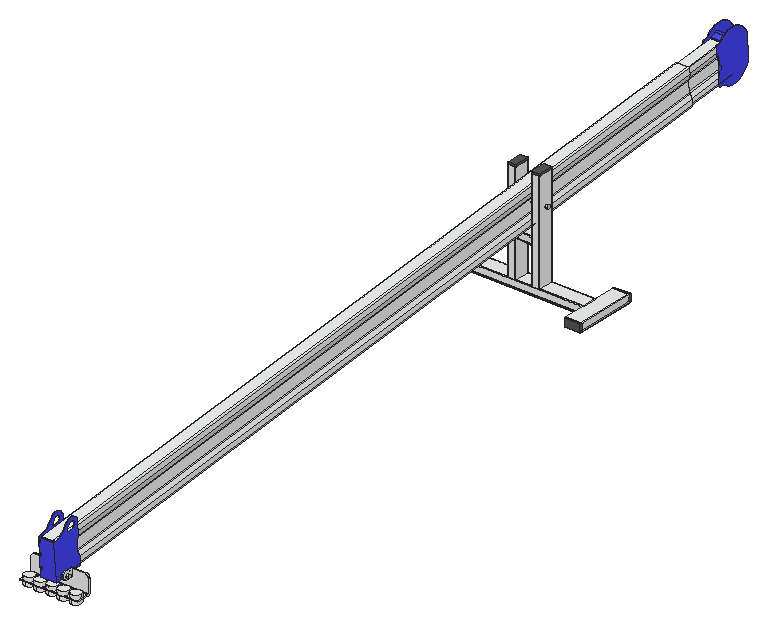
Revit family "FallProtection_RopeAccessNeedle_Kattsafe_400AFrame", category Specialty Equipment, Revit 2025 (continued)
Definition of nested family "Rearattachment_Kattsafe_Needle"
  Lines and regions (mm)
    symbolic lines, visible <- "ConcreteMount", detail levels medium+fine
      curve 15: line (-107.5, -9, 0) -> (-117.5, -9, 0)
      curve 16: arc (-117.5, -9, 0) -> (-126.5, 0, 0) -> (-117.5, 9, 0) r 9
      curve 17: line (117.5, -9, 0) -> (107.5, -9, 0)
      curve 18: arc (107.5, -9, 0) -> (98.5, 0, 0) -> (107.5, 9, 0) r 9
      curve 19: line (107.5, 9, 0) -> (117.5, 9, 0)
      curve 20: arc (117.5, 9, 0) -> (126.5, 0, 0) -> (117.5, -9, 0) r 9
    symbolic lines, detail levels medium+fine
      curve 21: line (30, 8, 0) -> (73, 8, 0)
      curve 22: line (73, 8, 0) -> (73, -8, 0)
      curve 23: line (73, -8, 0) -> (30, -8, 0)
      curve 24: line (-30, 8, 0) -> (-73, 8, 0)
      curve 25: line (-73, 8, 0) -> (-73, -8, 0)
      curve 26: line (-73, -8, 0) -> (-30, -8, 0)
    symbolic lines, visible <- "Trolley", detail levels medium+fine
      curve 27: line (-52.5, 30, 0) -> (-52.5, 36, 0)
      curve 28: line (52.5, 30, 0) -> (52.5, 36, 0)
  Dimensions and locks
    "MountClampOffset": plane 4 to plane 2
    locked: plane 5 to plane 4 at 98
    locked: plane 4 to Extrusion 1 sketch curve at 73
    locked: Extrusion 3 sketch curve to plane 4 at 6
    equal spacing: plane 6, plane 3 "Center (Left/Right)", plane 7
    "MountBaseWidth": plane 6 to plane 7
    equal spacing: plane 9, plane 1 "Center (Front/Back)", plane 8
    "MountBaseDepth": plane 9 to plane 8
    locked: plane 2 to plane 10 at 3
    "DeckFlangeCalc": plane 8 to plane 11
    "DeckFlangeCalc": plane 12 to plane 9
    "FixingBoltTopOffset": plane 5 to plane 13 "FixingBolt"
    locked: plane 14 to plane 1 "Center (Front/Back)" at 33
    locked: Extrusion 4 sketch curve to Extrusion 4 sketch curve at 2  (x2)
    locked: plane 10 to Extrusion 4 sketch curve at 2  (x2)
    locked: plane 4 to Extrusion 4 sketch curve at 2
    locked: Extrusion 6 sketch curve to plane 3 "Center (Left/Right)" at 145
    locked: plane 3 "Center (Left/Right)" to Extrusion 6 sketch curve at 145
    "DeckRubberWidthCalc": plane 6 to Extrusion 8 sketch curve
    "DeckRubberDepthCalc": Extrusion 8 sketch curve to plane 8
    equal spacing: Extrusion 8 sketch curve, plane 3 "Center (Left/Right)", Extrusion 8 sketch curve
    "DeckRubberWidthCalc": Extrusion 8 sketch curve to plane 7
    "DeckRubberDepthCalc": plane 9 to Extrusion 8 sketch curve
    plane 16 to plane 3 "Center (Left/Right)" to plane 17 = 58.5 mm locked, 58.5 mm locked
    locked: plane 19 to plane 16 at 58.5
    locked: plane 17 to plane 18 at 58.5
    plane 20 "VertRollersBack" to plane 14 to plane 21 "VertRollersFront" = 20 mm locked, 20 mm locked
    plane 23 "HoriRollersTop" to plane 15 to plane 22 "HoriRollerBtm" = 20 mm locked, 20 mm locked
    locked: plane 15 to Extrusion 9 sketch curve at 3.5  (x2)
    locked: plane 24 to plane 14 at 48
    locked: plane 24 to Extrusion 10 sketch curve at 3.5  (x2)
    locked: plane 2 to plane 15 at 30
    locked: plane 15 to Extrusion 11 sketch curve at 3.5  (x2)
    locked: plane 24 to Extrusion 12 sketch curve at 3.5  (x2)
    locked: plane 25 "TrolleyTop" to plane 26 at 40
    "TrolleyFixingOffset": plane 26 to plane 2
    equal spacing: plane 25 "TrolleyTop", Extrusion 13 sketch curve, plane 26
    equal spacing: plane 25 "TrolleyTop", Extrusion 14 sketch curve, plane 26
    Extrusion 7 sketch curve to Extrusion 7 sketch curve = 6 mm
    equal spacing: Extrusion 7 sketch curve, plane 15, Extrusion 7 sketch curve
    locked: plane 1 "Center (Front/Back)" to plane 24 at 15
    locked: plane 14 to Extrusion 7 sketch curve at 72
    plane 27 to plane 1 "Center (Front/Back)" to plane 28 = 50 mm locked, 50 mm locked
    "DeckRubberWidthCalc": Extrusion 8 sketch curve to Extrusion 8 sketch curve
    plane 30 to plane 3 "Center (Left/Right)" to plane 29 = 30 mm locked, 30 mm locked
    curve 12 to curve 11 to plane 1 "Center (Front/Back)" = 18.507 mm locked, 64.993 mm locked
    plane 1 "Center (Front/Back)" to curve 10 to curve 9 = 64.993 mm locked, 18.507 mm locked
    curve 26 to plane 1 "Center (Front/Back)" to curve 24 = 8 mm locked, 8 mm locked
    locked: Masking region 2 sketch curve to plane 14 at 53
    locked: Extrusion 16 sketch curve to Extrusion 16 sketch curve at 6  (x2)
    locked: Extrusion 16 sketch curve to Extrusion 16 sketch curve at 46
    locked: plane 3 "Center (Left/Right)" to Extrusion 16 sketch curve at 160
    locked: Extrusion 16 sketch curve to plane 3 "Center (Left/Right)" at 160
    locked: plane 6 to Extrusion 2 sketch curve at 27.5
    locked: Extrusion 2 sketch curve to plane 7 at 27.5
    radius of Extrusion 1 sketch curve = 15 mm  (x2)
    radius of Extrusion 3 sketch curve = 6 mm  (x2)
    radius of Extrusion 3 sketch curve = 12 mm  (x2)
    radius of Extrusion 5 sketch curve = 8 mm
    radius of Extrusion 6 sketch curve = 10 mm  (x2)
    radius of Extrusion 7 sketch curve = 4 mm
    radius of Extrusion 7 sketch curve = 10 mm
    "BaseFilletCalc": radius of Masking region 1 sketch curve  (x4)
    radius of Extrusion 2 sketch curve = 10 mm  (x4)
    radius of Extrusion 13 sketch curve = 20 mm
    radius of Extrusion 14 sketch curve = 20 mm
    radius of Extrusion 13 sketch curve = 9 mm
    radius of Extrusion 14 sketch curve = 9 mm
    radius of Extrusion 15 sketch curve = 20 mm  (x2)
    radius of curve 14 = 9 mm
    radius of curve 16 = 9 mm
    radius of curve 20 = 9 mm
    radius of curve 18 = 9 mm
    radius of Extrusion 16 sketch curve = 6 mm  (x4)
    radius of Extrusion 16 sketch curve = 12 mm  (x4)
    locked: Extrusion 4 sketch curve to plane 11 (angle 20.00°)  (x2)
    locked: plane 12 to Extrusion 4 sketch curve (angle 20.00°)  (x2)
    aligned and locked: level to plane 2
    aligned and locked: plane 5 to Extrusion 3 sketch curve
    aligned and locked: Extrusion 1 to Extrusion 3
    aligned and locked: Extrusion 3 to Extrusion 1
    aligned and locked: plane 4 to Extrusion 1
    aligned and locked: plane 5 to Extrusion 1 sketch curve
    aligned and locked: plane 4 to Extrusion 3 sketch curve
    aligned and locked: Extrusion 3 sketch curve to plane 4
    aligned and locked: plane 6 to Extrusion 4
    aligned and locked: Extrusion 4 to plane 7
    aligned and locked: plane 10 to Extrusion 4
    aligned and locked: plane 4 to Extrusion 4 sketch curve
    aligned and locked: plane 1 "Center (Front/Back)" to Extrusion 5 sketch curve
    aligned and locked: plane 13 "FixingBolt" to Extrusion 5 sketch curve
    aligned and locked: plane 11 to Extrusion 4 sketch curve
    aligned and locked: plane 12 to Extrusion 4 sketch curve
    aligned and locked: Extrusion 2 sketch curve to plane 9
    aligned and locked: plane 9 to Extrusion 2 sketch curve
    aligned and locked: plane 8 to Extrusion 2 sketch curve
    aligned and locked: Extrusion 2 sketch curve to plane 8
    aligned and locked: plane 7 to Masking region 1 sketch curve
    aligned and locked: plane 8 to Masking region 1 sketch curve
    aligned and locked: Masking region 1 sketch curve to plane 6
    aligned and locked: curve 1 to cut or joined group of Extrusion 1, Extrusion 3
    aligned and locked: curve 2 to cut or joined group of Extrusion 1, Extrusion 3
    aligned and locked: cut or joined group of Extrusion 1, Extrusion 3 to curve 3
    aligned and locked: curve 4 to cut or joined group of Extrusion 1, Extrusion 3
    aligned and locked: curve 8 to cut or joined group of Extrusion 1, Extrusion 3
    aligned and locked: curve 6 to cut or joined group of Extrusion 1, Extrusion 3
    aligned and locked: curve 5 to cut or joined group of Extrusion 1, Extrusion 3
    aligned and locked: curve 7 to cut or joined group of Extrusion 1, Extrusion 3
    aligned and locked: cut or joined group of Extrusion 2, Extrusion 4 to plane 8
    aligned and locked: plane 9 to cut or joined group of Extrusion 2, Extrusion 4
    aligned and locked: Masking region 1 sketch curve to plane 9
    aligned and locked: plane 8 to Extrusion 8 sketch curve  (x3)
    aligned and locked: Extrusion 8 sketch curve to plane 6  (x2)
    aligned and locked: plane 7 to Extrusion 8 sketch curve  (x2)
    aligned and locked: Extrusion 8 sketch curve to Extrusion 8 sketch curve  (x8)
    aligned and locked: Extrusion 8 sketch curve to plane 9  (x3)
    aligned and locked: Extrusion 8 to plane 2
    aligned and locked: Extrusion 8 to plane 10
    aligned and locked: plane 15 to Extrusion 9 sketch curve  (x3)
    aligned and locked: plane 19 to Extrusion 9 sketch curve
    aligned and locked: plane 16 to Extrusion 9 sketch curve
    aligned and locked: plane 3 "Center (Left/Right)" to Extrusion 9 sketch curve
    aligned and locked: plane 17 to Extrusion 9 sketch curve
    aligned and locked: plane 18 to Extrusion 9 sketch curve
    aligned and locked: plane 21 "VertRollersFront" to Extrusion 9
    aligned and locked: Extrusion 10 to plane 23 "HoriRollersTop"
    aligned and locked: plane 19 to Extrusion 10 sketch curve
    aligned and locked: plane 24 to Extrusion 10 sketch curve  (x3)
    aligned and locked: plane 16 to Extrusion 10 sketch curve
    aligned and locked: plane 3 "Center (Left/Right)" to Extrusion 10 sketch curve
    aligned and locked: plane 17 to Extrusion 10 sketch curve
    aligned and locked: plane 18 to Extrusion 10 sketch curve
    aligned and locked: Extrusion 10 to Extrusion 7
    aligned and locked: Extrusion 11 to plane 20 "VertRollersBack"
    aligned and locked: plane 19 to Extrusion 11 sketch curve
    aligned and locked: plane 16 to Extrusion 11 sketch curve
    aligned and locked: plane 3 "Center (Left/Right)" to Extrusion 11 sketch curve
    aligned and locked: plane 17 to Extrusion 11 sketch curve
    aligned and locked: plane 18 to Extrusion 11 sketch curve
    aligned and locked: Extrusion 12 to plane 22 "HoriRollerBtm"
    aligned and locked: plane 19 to Extrusion 12 sketch curve
    aligned and locked: plane 16 to Extrusion 12 sketch curve
    aligned and locked: plane 3 "Center (Left/Right)" to Extrusion 12 sketch curve
    aligned and locked: plane 17 to Extrusion 12 sketch curve
    aligned and locked: plane 18 to Extrusion 12 sketch curve
    aligned and locked: plane 24 to Extrusion 12 sketch curve  (x3)
    aligned and locked: plane 25 "TrolleyTop" to Extrusion 13
    aligned and locked: Extrusion 13 to plane 26
    aligned and locked: Extrusion 13 to Extrusion 6
    aligned and locked: Extrusion 14 sketch curve to plane 25 "TrolleyTop"
    aligned and locked: Extrusion 14 sketch curve to plane 26
    aligned and locked: Extrusion 14 sketch curve to Extrusion 6
    aligned and locked: plane 1 "Center (Front/Back)" to Extrusion 13 sketch curve
    aligned and locked: Extrusion 13 to cut or joined group of Extrusion 1, Extrusion 3
    aligned and locked: plane 16 to Extrusion 13
    aligned and locked: Extrusion 14 to plane 17
    aligned and locked: cut or joined group of Extrusion 1, Extrusion 3 to Extrusion 14
    aligned and locked: Extrusion 15 sketch curve to plane 25 "TrolleyTop"  (x3)
    aligned and locked: Extrusion 15 sketch curve to Extrusion 6
    aligned and locked: Extrusion 6 to Extrusion 15 sketch curve
    aligned and locked: Extrusion 6 to Extrusion 15
    aligned and locked: Extrusion 15 to Extrusion 6
    aligned and locked: Extrusion 15 sketch curve to Extrusion 13
    aligned and locked: Extrusion 15 sketch curve to Extrusion 14
    aligned and locked: Extrusion 15 sketch curve to plane 26
    aligned and locked: Extrusion 12 to cut or joined group of Extrusion 7, Extrusion 15
    aligned and locked: plane 15 to Extrusion 11 sketch curve  (x3)
    aligned and locked: Extrusion 1 sketch curve to plane 27
    aligned and locked: plane 28 to Extrusion 1 sketch curve
    aligned and locked: Extrusion 2 sketch curve to Masking region 1  (x4)
    aligned and locked: Extrusion 2 to plane 2
    aligned and locked: plane 30 to curve 5
    aligned and locked: plane 30 to curve 7
    aligned and locked: plane 29 to curve 3
    aligned and locked: plane 29 to curve 4
    aligned and locked: plane 7 to curve 11
    aligned and locked: plane 7 to curve 12
    aligned and locked: plane 7 to curve 10
    aligned and locked: plane 7 to curve 9
    aligned and locked: plane 6 to curve 9
    aligned and locked: plane 6 to curve 10
    aligned and locked: plane 6 to curve 11
    aligned and locked: plane 6 to curve 12
    aligned and locked: plane 29 to curve 26
    aligned and locked: plane 29 to curve 24
    aligned and locked: plane 30 to curve 21
    aligned and locked: plane 30 to curve 23
    aligned and locked: curve 22 to Extrusion 5
    aligned and locked: curve 25 to Extrusion 5
    aligned and locked: curve 24 to curve 21
    aligned and locked: curve 23 to curve 26
    aligned and locked: cut or joined group of Extrusion 1, Extrusion 3 to Masking region 2 sketch curve
    aligned and locked: Masking region 2 sketch curve to Extrusion 13
    aligned and locked: Masking region 2 sketch curve to cut or joined group of Extrusion 7, Extrusion 15  (x3)
    aligned and locked: Masking region 2 sketch curve to Masking region 2 sketch curve  (x2)
    aligned and locked: Masking region 2 sketch curve to Extrusion 14  (x2)
    aligned and locked: cut or joined group of Extrusion 7, Extrusion 15 to Masking region 2 sketch curve
    aligned and locked: cut or joined group of Extrusion 6, Extrusion 15 to Masking region 2 sketch curve
    aligned and locked: cut or joined group of Extrusion 7, Extrusion 15 to Extrusion 14
    aligned and locked: cut or joined group of Extrusion 7, Extrusion 15 to Extrusion 13
    aligned and locked: Extrusion 16 sketch curve to Extrusion 16 sketch curve
    aligned and locked: Extrusion 16 sketch curve to level  (x2)
    aligned and locked: cut or joined group of Extrusion 2, Extrusion 16 to plane 8
    aligned and locked: plane 9 to cut or joined group of Extrusion 2, Extrusion 16
    aligned and locked: curve 16 to cut or joined group of Extrusion 2, Extrusion 16
    aligned and locked: curve 20 to cut or joined group of Extrusion 2, Extrusion 16
  Automatic sketch dimensions
    curve 15 to plane 19 = 9.5 mm
    plane 18 to curve 19 = 9.5 mm
    plane 14 to curve 27 = 3 mm
    curve 27 to plane 16 = 6 mm
    plane 14 to curve 28 = 3 mm
    plane 17 to curve 28 = 6 mm
    curve 27 to plane 14 = 3 mm
    curve 28 to plane 14 = 3 mm
    Extrusion 1 sketch curve to plane 1 "Center (Front/Back)" = 0 mm
    plane 4 to Extrusion 1 sketch curve = 0 mm
    plane 1 "Center (Front/Back)" to Extrusion 2 sketch curve = 0 mm  (x2)
    plane 21 "VertRollersFront" to Extrusion 2 sketch curve = 4 mm
    Extrusion 2 sketch curve to plane 19 = 9.5 mm
    plane 18 to Extrusion 2 sketch curve = 9.5 mm
    plane 24 to Extrusion 2 sketch curve = 6 mm
    Extrusion 3 sketch curve to Extrusion 3 sketch curve = 0 mm  (x2)
    plane 16 to Extrusion 3 sketch curve = 0 mm
    plane 17 to Extrusion 3 sketch curve = 0 mm
    Extrusion 4 sketch curve to plane 8 = 0 mm
    plane 10 to Extrusion 4 sketch curve = 0 mm  (x2)
    Extrusion 4 sketch curve to plane 9 = 0 mm
    Extrusion 6 sketch curve to plane 25 "TrolleyTop" = 0 mm
    plane 22 "HoriRollerBtm" to Extrusion 6 sketch curve = 7 mm
    Extrusion 7 sketch curve to Extrusion 7 sketch curve = 0 mm  (x2)
    plane 25 "TrolleyTop" to Extrusion 7 sketch curve = 0 mm
    plane 14 to Extrusion 7 sketch curve = 7 mm
    Extrusion 13 sketch curve to Extrusion 13 sketch curve = 0 mm  (x2)
    plane 14 to Extrusion 13 sketch curve = 3 mm
    Extrusion 14 sketch curve to Extrusion 14 sketch curve = 0 mm
    Extrusion 14 sketch curve to plane 1 "Center (Front/Back)" = 0 mm
    plane 16 to Extrusion 16 sketch curve = 26.082 mm
    Extrusion 16 sketch curve to Extrusion 16 sketch curve = 0.927 mm  (x3)
    Extrusion 16 sketch curve to Extrusion 16 sketch curve = 4.243 mm  (x3)
    Extrusion 16 sketch curve to Extrusion 16 sketch curve = 5.17 mm  (x4)
    Extrusion 16 sketch curve to plane 16 = 12.889 mm
    Extrusion 16 sketch curve to Extrusion 16 sketch curve = 3.316 mm  (x2)
    plane 30 to Extrusion 16 sketch curve = 6.199 mm
    Extrusion 16 sketch curve to plane 17 = 16.67 mm
    radius of Extrusion 9 sketch curve = 26 mm  (x5)
    radius of Extrusion 10 sketch curve = 26 mm  (x5)
    radius of Extrusion 11 sketch curve = 26 mm  (x5)
    radius of Extrusion 12 sketch curve = 26 mm  (x5)
    radius of Extrusion 1 sketch curve = 9 mm
Types (10, lengths in mm): name | Type Comments | TrolleyAlignOffset | RearMemberFixingPointCalc | RearBeamWidth | RearBeamHeight | RearBeamAngledHeightCalc | Model | ManufacturerSpecCode | MainBoomCenterExtension | RearFixingHeight | ExtendableBoom | DesiredBackspanLength | ActualCantileverLength | ActualBackspanLength | 1500Extension | 1200Extension
  1500 Cantilever - Horizontal Trolley (OH404.1500 + OH448A) | "400mm A-Frame - 1500mm Extension - Horizontal Trolley Rear Attachment" | 15 | 75 | 70 | 190 | 170 | "OH404.15 + OH448A" | "OH404.15 + OH448A" | 975 | 42 | yes | 3000 | 1270 | 3000 | yes | no
  1500 Cantilever - Vertical Trolley (OH404.1500 + OH449A) | "400mm A-Frame - 1500mm Extension - Vertical Trolley Rear Attachment" | 33 | 75 | 70 | 190 | 170 | "OH404.15 + OH449A" | "OH404.15 + OH449A" | 975 | 66.5 | yes | 3000 | 1270 | 3000 | yes | no
  1500 Cantilever - Wide Deck Mount (OH404.1500 + OH444W) | "400mm A-Frame - 1500mm Extension - Wide Deck Mount Rear Attachment" | 0 | 75 | 70 | 190 | 170 | "OH404.15 + OH444W" | "OH404.15 + OH444W" | 975 | 125 | yes | 3000 | 1270 | 3000 | yes | no
  1500 Cantilever - Metal Deck Mount (OH404.1500 + OH444A) | "400mm A-Frame - 1500mm Extension - Metal Deck Mount Rear Attachment" | 0 | 75 | 70 | 190 | 170 | "OH404.15 + OH444A" | "OH404.15 + OH444A" | 975 | 123 | yes | 3000 | 1270 | 3000 | yes | no
  1500 Cantilever - Concrete Mount (OH404.1500 + OH443) | "400mm A-Frame - 1500mm Extension - Concrete Mount Rear Attachment" | 0 | 75 | 70 | 190 | 170 | "OH404.15 + OH443" | "OH404.15 + OH443" | 975 | 119 | yes | 3000 | 1270 | 3000 | yes | no
  1200 Cantilever - Horizontal Trolley (OH404.1200 + OH448A) | "400mm A-Frame - 1200mm Extension - Horizontal Trolley Rear Attachment" | 15 | 70 | 60 | 180 | 160 | "OH404.12 + OH448A" | "OH404.12 + OH448A" | 0 | 42 | no | 2400 | 1210 | 2400 | no | yes
  1200 Cantilever - Vertical Trolley (OH404.1200 + OH449A) | "400mm A-Frame - 1200mm Extension - Vertical Trolley Rear Attachment" | 33 | 70 | 60 | 180 | 160 | "OH404.12 + OH449A" | "OH404.12 + OH449A" | 0 | 66.5 | no | 2400 | 1210 | 2400 | no | yes
  1200 Cantilever - Wide Deck Mount (OH404.1200 + OH444W) | "400mm A-Frame - 1200mm Extension - Wide Deck Mount Rear Attachment" | 0 | 70 | 60 | 180 | 160 | "OH404.12 + OH444W" | "OH404.12 + OH444W" | 0 | 125 | no | 2400 | 1210 | 2400 | no | yes
  1200 Cantilever - Metal Deck Mount (OH404.1200 + OH444A) | "400mm A-Frame - 1200mm Extension - Metal Deck Mount Rear Attachment" | 0 | 70 | 60 | 180 | 160 | "OH404.12 + OH444A" | "OH404.12 + OH444A" | 0 | 123 | no | 2400 | 1210 | 2400 | no | yes
  1200 Cantilever - Concrete Mount (OH404.1200 + OH443) | "400mm A-Frame - 1200mm Extension - Concrete Mount Rear Attachment" | 0 | 70 | 60 | 180 | 160 | "OH404.12 + OH443" | "OH404.12 + OH443" | 0 | 119 | no | 2400 | 1210 | 2400 | no | yes
